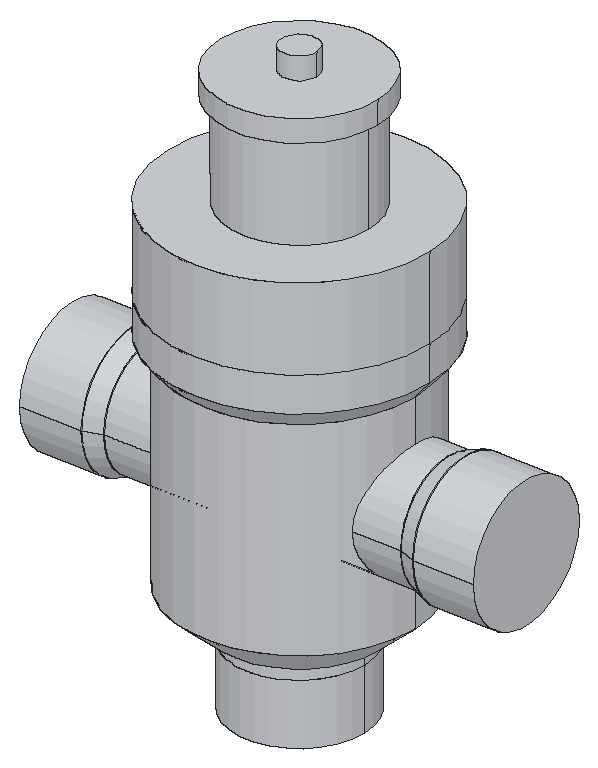
Revit family "VMX10P_DN15_PN16_RFA_2019", category Pipe Accessories, Revit 2019
Family settings
  Round Connector Dimension = Use Diameter
  Part Type = Valve - Breaks Into
  Work Plane-Based = No
  Always vertical = Yes
  Cut with Voids When Loaded = No
  Shared = No
Parameters (values of type "VMX10P G1/2  PN16 kvs0,4")
  magiProductId = ""
  magiProductFamilyId = ""
  magiPartTypeId = 320
  isMeasuringValve [instance] = no
  ang2D [instance] = 0.00°
  Z9 = 7 mm
  Z8 = 4 mm
  Z7__ve = -Z7  # -2.5 mm
  Z7 = 2.5 mm
  Z6 = 8.775 mm
  Z5 = 9.45 mm
  Z3 = 2 mm
  Z2 = 5 mm
  Z1 = 3.75 mm
  X4__ve = -X4  # -7 mm
  X4 = 7 mm
  X3 = 34 mm
  X1 = 5.2 mm
  W2D = 15 mm
  VersionID = ""
  Use Minimum Symbol Size [instance] = no
  URL = "www.hydronix.cz"
  Type Comments = "Závitový, vnější závit, ploché těsnění; LIN charakteristika; PN16; +5~+95°C; max.rychlost proudění 3,0 m/s"
  TL = 52 mm
  R9 = 9 mm
  R8 = 2 mm
  R7 = 15 mm
  R6 = 9 mm
  R5 = 10.214 mm
  R4 = 8.512 mm
  R3 = 7.5 mm
  R2 = 13.3 mm
  R10 = 8 mm
  R1 = 6.75 mm
  QmdConnectorList = "301;D;302;D;303;D"
  Productdata [instance] = ""
  Manufacturer = "Hydronix"
  MT = 1
  MC Product Code = "VMX10P (G1/2\"; dpmax=250kPa; kvs 0,4)"
  MC = yes
  LT2 = 19 mm
  L2D_Min = 30.48 mm
  L2D = 38 mm
  L = 38 mm
  H1 = 23.8 mm
  H = 27 mm
  E = 16 mm
  Description = "3 cestný regulační ventil malých spotřebičů, DN15; zdvih 2,5mm; max dp 250kPa; kvs0,4"
  DT2 = 7.5 mm
  D = 15 mm
  CS = no
  CAT0 = yes
  CAT = no
  C = 25 mm
  Assembly Code = ""
Types (8, lengths in mm): name | Z9 | Z6 | Z5 | Z2 | Z1 | X3 | X1 | W2D | TL | R6 | R5 | R4 | R3 | R2 | R1 | MC Product Code | LT2 | L2D | L | H1 | H | Description | DT2 | D | C
  VMX09P G1/2  PN16 kvs0,25 | 7 | 8.775 | 9.45 | 5 | 3.75 | 34 | 5.2 | 15 | 52 | 9 | 10.214 | 8.512 | 7.5 | 13.3 | 6.75 | "VMX09P (G1/2\"; dpmax=250kPa; kvs 0,25)" | 19 | 38 | 38 | 23.8 | 27 | "3 cestný regulační ventil malých spotřebičů, DN15; zdvih 2,5mm; max dp 250kPa; kvs0,25" | 7.5 | 15 | 25
  VMX10P G1/2  PN16 kvs0,4 | 7 | 8.775 | 9.45 | 5 | 3.75 | 34 | 5.2 | 15 | 52 | 9 | 10.214 | 8.512 | 7.5 | 13.3 | 6.75 | "VMX10P (G1/2\"; dpmax=250kPa; kvs 0,4)" | 19 | 38 | 38 | 23.8 | 27 | "3 cestný regulační ventil malých spotřebičů, DN15; zdvih 2,5mm; max dp 250kPa; kvs0,4" | 7.5 | 15 | 25
  VMX11P G1/2  PN16 kvs0,6 | 7 | 8.775 | 9.45 | 5 | 3.75 | 34 | 5.2 | 15 | 52 | 9 | 10.214 | 8.512 | 7.5 | 13.3 | 6.75 | "VMX11P (G1/2\"; dpmax=250kPa; kvs 0,6)" | 19 | 38 | 38 | 23.8 | 27 | "3 cestný regulační ventil malých spotřebičů, DN15; zdvih 2,5mm; max dp 250kPa; kvs0,6" | 7.5 | 15 | 25
  VMX12P G1/2  PN16 kvs1,0 | 7 | 8.775 | 9.45 | 5 | 3.75 | 34 | 5.2 | 15 | 52 | 9 | 10.214 | 8.512 | 7.5 | 13.3 | 6.75 | "VMX12P (G1/2\"; dpmax=250kPa; kvs 1,0)" | 19 | 38 | 38 | 23.8 | 27 | "3 cestný regulační ventil malých spotřebičů, DN15; zdvih 2,5mm; max dp 250kPa; kvs1,0" | 7.5 | 15 | 25
  VMX13P G1/2  PN16 kvs1,6 | 7 | 8.775 | 9.45 | 5 | 3.75 | 34 | 5.2 | 15 | 52 | 9 | 10.214 | 8.512 | 7.5 | 13.3 | 6.75 | "VMX13P (G1/2\"; dpmax=250kPa; kvs 1,6)" | 19 | 38 | 38 | 23.8 | 27 | "3 cestný regulační ventil malých spotřebičů, DN15; zdvih 2,5mm; max dp 250kPa; kvs1,6" | 7.5 | 15 | 25
  VMX21P G3/4  PN16 kvs2,5 | 8.8 | 8.45 | 9.1 | 6.8 | 5.1 | 38 | 5.6 | 20 | 56 | 12 | 11.29 | 9.408 | 10 | 14.7 | 9 | "VMX21P (G3/4\"; dpmax=150kPa; kvs 2,5)" | 21 | 42 | 42 | 29 | 26 | "3 cestný regulační ventil malých spotřebičů, DN20; zdvih 2,5mm; max dp 150kPa; kvs2,5" | 10 | 20 | 34
  VMX24P G3/4  PN16 kvs4,0 | 8.8 | 8.45 | 9.1 | 6.8 | 5.1 | 38 | 5.6 | 20 | 56 | 12 | 11.29 | 9.408 | 10 | 14.7 | 9 | "VMX24P (G3/4\";  dpmax A-AB=100kPa;  dpmax B-AB=40kPa;  kvs 4,0)" | 21 | 42 | 42 | 29 | 26 | "3 cestný regulační ventil malých spotřebičů, DN20; zdvih 2,5mm; max dp A-AB 100kPa; max dp B-AB 40kPa; kvs4,0" | 10 | 20 | 34
  VMX26P G3/4  PN16 kvs6,0 | 8.8 | 8.45 | 9.1 | 6.8 | 5.1 | 38 | 5.6 | 20 | 56 | 12 | 11.29 | 9.408 | 10 | 14.7 | 9 | "VMX26P (G3/4\";  dpmax A-AB=100kPa;  dpmax B-AB=40kPa;  kvs 6,0)" | 21 | 42 | 42 | 29 | 26 | "3 cestný regulační ventil malých spotřebičů, DN20; zdvih 2,5mm; max dp A-AB 100kPa; max dp B-AB 40kPa; kvs6,0" | 10 | 20 | 34
Reference planes
  plane 1 "Center (Front/Back)": y = 0
  plane 2 "XYPLANE": z = 0
  plane 3 "Center (Left/Right)": x = 0
  plane 4 "271": z = 38
  plane 5 "254": z = 11.55
  plane 6 "253": z = 17.55
  plane 7 "148": z = 40.5
  plane 8 "132": z = 43
  plane 9 "62": z = 13.55
  plane 10 "53": z = 27
  plane 11 "52": z = -12.25
  plane 12 "48": z = -16
  plane 13 "47": z = -18
  plane 14 "38": z = -23
  plane 15 "37": x = 17
  plane 16 "36": x = 19
  plane 17 "23": z = -25
  plane 18 "19": x = -17
  plane 19 "15": x = -19
  plane 20 "6": x = 26
  plane 21 "5": x = -26
  plane 22 "3": z = 0
  plane 23 "2": y = 0
  plane 24 "1": x = 0
Forms (mm)
  Extrusion 1, solid
    sketch origin (-750, 0, -25) x (1, 0, 0) y (0, 1, 0)
      loop
        circle (750, 0) r 7.5
    from 0 to 7 <- "Z9"
  Extrusion 2, solid, visible <- "CAT0"
    sketch origin (-750, 0, 43) x (1, 0, 0) y (0, 1, 0)
      loop
        circle (750, 0) r 2
    from 0 to -2.5 <- "Z7__ve"
  Extrusion 3, solid, visible <- "CAT0"
    sketch origin (-750, 0, 38) x (1, 0, 0) y (0, 1, 0)
      loop
        circle (750, 0) r 8
    from 0 to -19
  Extrusion 4, solid, visible <- "CAT0"
    sketch origin (-17, -750, 0) x (0, 1, 0) y (0, 0, 1)
      loop
        circle (750, 0) r 6.75
    from 0 to 34 <- "X3"
  Extrusion 5, solid
    sketch origin (-750, 0, 13.55) x (1, 0, 0) y (0, 1, 0)
      loop
        circle (750, 0) r 15
    from 0 to 4 <- "Z8"
  Extrusion 6, solid
    sketch origin (-750, 0, 40.5) x (1, 0, 0) y (0, 1, 0)
      loop
        circle (750, 0) r 9
    from 0 to -2.5 <- "Z7__ve"
  Extrusion 7, solid
    sketch origin (-750, 0, 17.55) x (1, 0, 0) y (0, 1, 0)
      loop
        circle (750, 0) r 15
    from 0 to 9.45 <- "Z5"
  Blend 8, solid
    base sketch origin (-750, 0, 11.55) x (1, 0, 0) y (0, 1, 0)
      loop
        circle (750, 0) r 13.3
    top sketch origin (-750, 0, 11.55) x (1, 0, 0) y (0, 1, 0)
      loop
        circle (750, 0) r 15
    from 0 to 2
  Blend 9, solid
    base sketch origin (-750, 0, -12.25) x (1, 0, 0) y (0, 1, 0)
      loop
        circle (750, 0) r 13.3
    top sketch origin (-750, 0, -12.25) x (1, 0, 0) y (0, 1, 0)
      loop
        circle (750, 0) r 9
    from 0 to -3.75
  Extrusion 10, solid
    sketch origin (-750, 0, -18) x (1, 0, 0) y (0, 1, 0)
      loop
        circle (750, 0) r 7.5
    from 0 to 2 <- "Z3"
  Extrusion 11, solid
    sketch origin (26, -750, 0) x (0, 1, 0) y (0, 0, 1)
      loop
        circle (750, 0) r 7.5
    from 0 to -7 <- "X4__ve"
  Blend 12, solid
    base sketch origin (19, -750, 0) x (0, 1, 0) y (0, 0, 1)
      loop
        circle (750, 0) r 7.5
    top sketch origin (19, -750, 0) x (0, 1, 0) y (0, 0, 1)
      loop
        circle (750, 0) r 6.75
    from 0 to -2
  Extrusion 13, solid
    sketch origin (-750, 0, -12.25) x (1, 0, 0) y (0, 1, 0)
      loop
        circle (750, 0) r 13.3
    from 0 to 23.8 <- "H1"
  Blend 14, solid
    base sketch origin (-19, -750, 0) x (0, 1, 0) y (0, 0, 1)
      loop
        circle (750, 0) r 7.5
    top sketch origin (-19, -750, 0) x (0, 1, 0) y (0, 0, 1)
      loop
        circle (750, 0) r 6.75
    from 0 to 2
  Extrusion 15, solid
    sketch origin (-26, -750, 0) x (0, 1, 0) y (0, 0, 1)
      loop
        circle (750, 0) r 7.5
    from 0 to 7 <- "X4"
  Extrusion 16, solid, not visible
    sketch origin (-750, 0, -18) x (1, 0, 0) y (0, 1, 0)
      loop
        circle (750, 0) r 10
    from 0 to 10
  Extrusion 17, solid, not visible
    sketch origin (19, -750, 0) x (0, 1, 0) y (0, 0, 1)
      loop
        circle (750, 0) r 10
    from 0 to -10
  Extrusion 18, solid, not visible
    sketch origin (-19, -750, 0) x (0, 1, 0) y (0, 0, 1)
      loop
        circle (750, 0) r 10
    from 0 to 10
Lines and regions (mm)
  reference lines, not visible
    curve 1: circle (2, 2, 0) r 1 normal (0, 0, 1)
Dimensions and locks
  plane 1 "Center (Front/Back)" to curve 1 = 2 mm
  "Z7": plane 7 "148" to plane 4 "271"
  "Z3": plane 9 "62" to plane 5 "254"
  "Z5": plane 10 "53" to plane 6 "253"
  "Z7": plane 8 "132" to plane 7 "148"
  "E": plane 10 "53" to plane 8 "132"
  "Z8": plane 6 "253" to plane 9 "62"
  "H": plane 2 "XYPLANE" to plane 10 "53"
  "Z1": plane 12 "48" to plane 11 "52"
  "Z3": plane 13 "47" to plane 12 "48"
  "Z2": plane 14 "38" to plane 13 "47"
  "Z3": plane 17 "23" to plane 14 "38"
  locked: plane 16 "36" to plane 15 "37" at 2
  "LT2": plane 3 "Center (Left/Right)" to plane 16 "36"
  "C": plane 2 "XYPLANE" to plane 17 "23"
  locked: plane 19 "15" to plane 18 "19" at 2
  "LT2": plane 3 "Center (Left/Right)" to plane 19 "15"
  "X4": plane 16 "36" to plane 20 "6"
  "X4": plane 19 "15" to plane 21 "5"
  locked: plane 2 "XYPLANE" to plane 22 "3"
  locked: plane 1 "Center (Front/Back)" to plane 23 "2"
  locked: plane 3 "Center (Left/Right)" to plane 24 "1"
  "DT2": radius of Extrusion 1 sketch curve
  "R8": radius of Extrusion 2 sketch curve
  "R10": radius of Extrusion 3 sketch curve
  "R1": radius of Extrusion 4 sketch curve
  "R7": radius of Extrusion 5 sketch curve
  "R9": radius of Extrusion 6 sketch curve
  "R7": radius of Extrusion 7 sketch curve
  "R7": radius of Blend 8 sketch curve
  "R2": radius of Blend 8 sketch curve
  "R6": radius of Blend 9 sketch curve
  "R2": radius of Blend 9 sketch curve
  "DT2": radius of Extrusion 10 sketch curve
  "DT2": radius of Extrusion 11 sketch curve
  "R1": radius of Blend 12 sketch curve
  "DT2": radius of Blend 12 sketch curve
  "R2": radius of Extrusion 13 sketch curve
  "R1": radius of Blend 14 sketch curve
  "DT2": radius of Blend 14 sketch curve
  "DT2": radius of Extrusion 15 sketch curve
  aligned and locked: level to plane 2 "XYPLANE"
  aligned and locked: plane 23 "2" to Extrusion 1 sketch curve
  aligned and locked: plane 24 "1" to Extrusion 1 sketch curve
  aligned and locked: plane 23 "2" to Extrusion 2 sketch curve
  aligned and locked: plane 24 "1" to Extrusion 2 sketch curve
  aligned and locked: plane 23 "2" to Extrusion 3 sketch curve
  aligned and locked: plane 24 "1" to Extrusion 3 sketch curve
  aligned and locked: plane 22 "3" to Extrusion 4 sketch curve
  aligned and locked: Extrusion 4 sketch curve to plane 23 "2"
  aligned and locked: plane 23 "2" to Extrusion 5 sketch curve
  aligned and locked: plane 24 "1" to Extrusion 5 sketch curve
  aligned and locked: plane 23 "2" to Extrusion 6 sketch curve
  aligned and locked: plane 24 "1" to Extrusion 6 sketch curve
  aligned and locked: plane 23 "2" to Extrusion 7 sketch curve
  aligned and locked: plane 24 "1" to Extrusion 7 sketch curve
  aligned and locked: plane 23 "2" to Blend 8 sketch curve  (x2)
  aligned and locked: plane 24 "1" to Blend 8 sketch curve  (x2)
  aligned and locked: plane 9 "62" to Blend 8
  aligned and locked: plane 23 "2" to Blend 9 sketch curve  (x2)
  aligned and locked: plane 24 "1" to Blend 9 sketch curve  (x2)
  aligned and locked: Blend 9 to plane 12 "48"
  aligned and locked: plane 23 "2" to Extrusion 10 sketch curve
  aligned and locked: plane 24 "1" to Extrusion 10 sketch curve
  aligned and locked: plane 22 "3" to Extrusion 11 sketch curve
  aligned and locked: Extrusion 11 sketch curve to plane 23 "2"
  aligned and locked: plane 22 "3" to Blend 12 sketch curve  (x2)
  aligned and locked: Blend 12 sketch curve to plane 23 "2"  (x2)
  aligned and locked: Blend 12 to plane 15 "37"
  aligned and locked: plane 23 "2" to Extrusion 13 sketch curve
  aligned and locked: plane 24 "1" to Extrusion 13 sketch curve
  aligned and locked: plane 22 "3" to Blend 14 sketch curve  (x2)
  aligned and locked: Blend 14 sketch curve to plane 23 "2"  (x2)
  aligned and locked: plane 18 "19" to Blend 14
  aligned and locked: plane 22 "3" to Extrusion 15 sketch curve
  aligned and locked: Extrusion 15 sketch curve to plane 23 "2"
  aligned and locked: plane 23 "2" to Extrusion 16 sketch curve
  aligned and locked: plane 24 "1" to Extrusion 16 sketch curve
  aligned and locked: plane 22 "3" to Extrusion 17 sketch curve
  aligned and locked: Extrusion 17 sketch curve to plane 23 "2"
  aligned and locked: plane 22 "3" to Extrusion 18 sketch curve
  aligned and locked: Extrusion 18 sketch curve to plane 23 "2"
Automatic sketch dimensions
  plane 1 "Center (Front/Back)" to Extrusion 16 sketch curve = 10 mm
  plane 1 "Center (Front/Back)" to Extrusion 17 sketch curve = 10 mm
  plane 1 "Center (Front/Back)" to Extrusion 18 sketch curve = 10 mm
  plane 3 "Center (Left/Right)" to curve 1 = 2 mm
  radius of curve 1 = 1 mm
Connectors
  piping at (-19, 0, 0), diameter 15, driven by "D"
    settings: on Extrusion 18, index 1, connector inside diameter 609.6 mm, connector length 0 mm, flow factor 0, pipe flow 0.0 L/s, pressure drop 0.0 Pa, fitting loss kfactor 0, connector angle 0.00°, fixture units 0, engagement length 0 mm, angle of deflection 0.00°, flow configuration 0, flow direction 0, fitting loss method 0, system type 29, joint type 0, gender type 0, connector reference index -1, connector utility 0, adjustable connector yes, is connector primary yes, connector description ""
  piping at (19, 0, 0), diameter 15, driven by "D"
    settings: on Extrusion 17, index 2, connector inside diameter 609.6 mm, connector length 0 mm, flow factor 0, pipe flow 0.0 L/s, pressure drop 0.0 Pa, fitting loss kfactor 0, connector angle 0.00°, fixture units 0, engagement length 0 mm, angle of deflection 0.00°, flow configuration 0, flow direction 0, fitting loss method 0, system type 29, joint type 0, gender type 0, connector reference index -1, connector utility 0, adjustable connector yes, is connector primary no, connector description ""
  piping at (0, 0, -18), diameter 15, driven by "D"
    settings: on Extrusion 16, index 3, connector inside diameter 609.6 mm, connector length 0 mm, flow factor 0, pipe flow 0.0 L/s, pressure drop 0.0 Pa, fitting loss kfactor 0, connector angle 0.00°, fixture units 0, engagement length 0 mm, angle of deflection 0.00°, flow configuration 0, flow direction 0, fitting loss method 0, system type 29, joint type 0, gender type 0, connector reference index -1, connector utility 0, adjustable connector yes, is connector primary no, connector description ""
